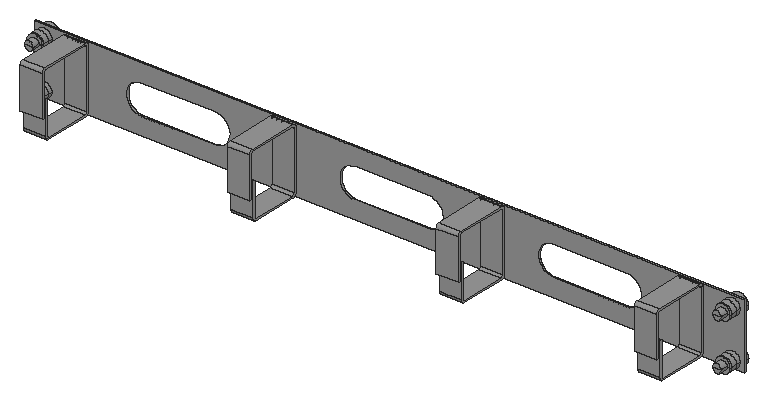
Revit family "ITK Кабельный органайзер 19 1U 4 кольца", category Обобщенные модели, Revit 2016
Family settings
  Тип детали = Нормальный
  Может служить основой для арматурных стержней = Нет
  Размер круглого соединителя = Использовать диаметр
  На основе рабочей плоскости = Нет
  Всегда вертикально = Да
  При загрузке вырезать с полостями = Нет
  Общий = Нет
  Точка расчета площади = Нет
Parameters (values of type "CO05-1M4RM")
  Ширина = 483 mm
  Высота = 44.5 mm
  Описание = "19-дюймовые кабельные организаторы ITK предназначены для горизонтальной организации кабеля и кабельных пучков в шкафах и стойках для укладки кабелей в пространствах между коммутационными панелями и установленным активным оборудованием, обеспечивают их поддержку в пределах монтажной высоты шкафа, гарантируют необходимый радиус изгиба коммутационных шнуров и кабеля при подведении их к оборудованию, позволяют избежать перекручивания и спутывания кабелей. При использовании кабельных организаторов существенно снижается вероятность появления сильных перегибов и изломов кабелей, повышается скорость и эффективность работы IT-специалистов и администраторов при обслуживании шкафов и стоек.\r\n\r\nКабельные органайзеры устанавливаются на 19-дюймовые монтажные профили, занимая при этом один или два юнита полезной высоты. Монтаж осуществляется с помощью крепежа винт-шайба-гайка.\r\n\r\nГоризонтальные кабельные организаторы представлены двумя основными видами: открытый органайзер с кольцами или закрытого типа с крышкой. Высота органайзеров: 1U или 2U. Материал: листовая сталь. В комплект поставки входит органайзер и комплект крепежа.\r\nСовместимы со всеми 19-дюймовыми шкафами и стойками ITK.\r\nОбладают современным привлекательным дизайном и продуманной конструкцией.\r\nУдобны в монтаже и эксплуатации.\r\nСоответствие международным стандартам ISO9001, IEC 297, ISO/IEC 11801. \r\nСертифицированы по ГОСТ Р.\r\nВсе аксессуары идут с крепежом.\r\nВозможно исполнение в двух цветах: серый (RAL7035) и черный (RAL9005).\r\nВсегда в наличии на складе.\r\nГарантия на все аксессуары до 2-х лет."  # constant formula
  Материал = Окраска - RAL 9005
  Type Comments = ""
  Изготовитель = "ITK"  # constant formula
  Глубина = 12 mm
  URL = "http://www.itk-group.ru/produktsiya/catalog/?page=section&id=564&pagen=1&pagec=100"
  ADSK_Примечание = ""
  ADSK_Позиция [instance] = ""
  ADSK_Наименование краткое = "CO05-1M4RM"
  ADSK_Наименование = "ITK Кабельный органайзер 19\" 1U 4 кольца, черный"
  ADSK_Масса = 0
  ADSK_Марка = "CO05-1M4RM"
  ADSK_Код изделия = ""
  ADSK_Завод-изготовитель = "IEK"
  ADSK_Единица измерения = "шт"
  ADSK_Группирование = "I. ЩИТЫ И ПУЛЬТЫ"
Types (2, lengths in mm): name | Материал | ADSK_Наименование краткое | ADSK_Наименование | ADSK_Марка
  CO05-1M4RM | Окраска - RAL 9005 | "CO05-1M4RM" | "ITK Кабельный органайзер 19\" 1U 4 кольца, черный" | "CO05-1M4RM"
  CO35-1M4RM | Окраска - RAL 7035 | "CO35-1M4RM" | "ITK Кабельный органайзер 19\" 1U 4 кольца, серый" | "CO35-1M4RM"
Reference planes
  plane 1 "По центру (Вперед/Назад)": y = 0
  plane 2: z = 0
  plane 3 "По центру (Влево/Вправо)": x = 0
  plane 4: x = -241.5
  plane 5: x = 241.5
  plane 6: y = -1
  plane 7: x = -223.188
  plane 8: x = 222.388
  plane 9: z = 44.5
  plane 10: y = 11
  plane 11: x = -173
  plane 12: x = -98
  plane 13: x = -83
  plane 14: x = -8
  plane 15: x = 7
  plane 16: x = 173
  plane 17: x = 98
  plane 18: x = 83
  plane 19: z = 5.937
  plane 20: z = 38.25
  plane 21: z = 22.25
Forms (mm)
  Extrusion 1, solid, material "Окраска - RAL 9005" <- "Материал", detail levels fine
    sketch origin (0, 0, 0) x (1, 0, 0) y (0, 1, 0)
      loop
        line (-241.5, 0) -> (-241.5, -1) -> (241.5, -1) -> (241.5, 0) -> (-241.5, 0)
    from 0 to 44.5
  Extrusion 2, void
    sketch origin (-2000, -1, 1200) x (-1, 0, 0) y (0, 0, -1)
      loop
        circle (-1765.975, 1161.75) r 2.967
      loop
        circle (-1765.975, 1194.062) r 2.967
      loop
        circle (-2234.025, 1161.75) r 2.967
      loop
        circle (-2234.025, 1194.062) r 2.967
    from -1 to 0
  Revolve 3, solid, material "Окраска - RAL 9005" <- "Материал", detail levels fine
    sketch origin (0, 29.553, 5.938) x (0, 1, 0) y (-1, 0, 0)
      loop
        line (-44.803, 236.911) -> (-44.803, 234.025) -> (-26.053, 234.025) -> (-26.053, 240.161) -> (-29.553, 240.161) -> (-29.553, 236.911) -> (-32.003, 236.911) -> (-32.003, 239.143)
        arc (-32.003, 239.143) -> (-33.603, 239.05) -> (-35.203, 239.122) r 15.465
        line (-35.203, 239.122) -> (-39.203, 239.122)
        arc (-39.203, 239.122) -> (-39.704, 239.122) -> (-40.203, 239.083) r 6.422
        line (-40.203, 239.083) -> (-40.203, 236.911) -> (-44.803, 236.911)
      axis (-26.053, 234.025) -> (-44.803, 234.025)
    angle from 0 to 360
  Revolve 4, solid, material "Окраска - RAL 9005" <- "Материал", detail levels fine
    sketch origin (0, 30.928, 38.25) x (0, 1, 0) y (-1, 0, 0)
      loop
        line (-46.178, 236.911) -> (-46.178, 234.025) -> (-27.428, 234.025) -> (-27.428, 240.161) -> (-30.928, 240.161) -> (-30.928, 236.911) -> (-33.378, 236.911) -> (-33.378, 239.143)
        arc (-33.378, 239.143) -> (-34.978, 239.05) -> (-36.578, 239.122) r 15.465
        line (-36.578, 239.122) -> (-40.578, 239.122)
        arc (-40.578, 239.122) -> (-41.079, 239.122) -> (-41.578, 239.083) r 6.422
        line (-41.578, 239.083) -> (-41.578, 236.911) -> (-46.178, 236.911)
      axis (-27.428, 234.025) -> (-46.178, 234.025)
    angle from 0 to 360
  Revolve 5, solid, material "Окраска - RAL 9005" <- "Материал", detail levels fine
    sketch origin (467.046, 30.928, 38.25) x (0, 1, 0) y (-1, 0, 0)
      loop
        line (-46.178, 235.911) -> (-46.178, 233.025) -> (-27.428, 233.025) -> (-27.428, 239.161) -> (-30.928, 239.161) -> (-30.928, 235.911) -> (-33.378, 235.911) -> (-33.378, 238.143)
        arc (-33.378, 238.143) -> (-34.978, 238.05) -> (-36.578, 238.122) r 15.465
        line (-36.578, 238.122) -> (-40.578, 238.122)
        arc (-40.578, 238.122) -> (-41.079, 238.122) -> (-41.578, 238.083) r 6.422
        line (-41.578, 238.083) -> (-41.578, 235.911) -> (-46.178, 235.911)
      axis (-27.428, 233.025) -> (-46.178, 233.025)
    angle from 0 to 360
  Revolve 6, solid, material "Окраска - RAL 9005" <- "Материал", detail levels fine
    sketch origin (0, 30.928, 5.938) x (0, 1, 0) y (-1, 0, 0)
      loop
        line (-46.178, -231.135) -> (-46.178, -234.021) -> (-27.428, -234.021) -> (-27.428, -227.885) -> (-30.928, -227.885) -> (-30.928, -231.135) -> (-33.378, -231.135) -> (-33.378, -228.903)
        arc (-33.378, -228.903) -> (-34.978, -228.997) -> (-36.578, -228.924) r 15.465
        line (-36.578, -228.924) -> (-40.578, -228.924)
        arc (-40.578, -228.924) -> (-41.079, -228.924) -> (-41.578, -228.963) r 6.422
        line (-41.578, -228.963) -> (-41.578, -231.135) -> (-46.178, -231.135)
      axis (-27.428, -234.021) -> (-46.178, -234.021)
    angle from 0 to 360
  Extrusion 7, void
    sketch origin (-2000, -1, 1200) x (1, 0, 0) y (0, 0, -1)
      loop
        line (1831.505, 1167.429) -> (1881.157, 1167.429)
        arc (1881.157, 1167.429) -> (1891.477, 1177.75) -> (1881.157, 1188.071) r 10.321
        line (1881.157, 1188.071) -> (1831.505, 1188.071)
        arc (1831.505, 1188.071) -> (1821.184, 1177.75) -> (1831.505, 1167.429) r 10.321
      loop
        line (1976.505, 1167.429) -> (2026.157, 1167.429)
        arc (2026.157, 1167.429) -> (2036.477, 1177.75) -> (2026.157, 1188.071) r 10.321
        line (2026.157, 1188.071) -> (1976.505, 1188.071)
        arc (1976.505, 1188.071) -> (1966.184, 1177.75) -> (1976.505, 1167.429) r 10.321
      loop
        line (2111.505, 1167.429) -> (2161.157, 1167.429)
        arc (2161.157, 1167.429) -> (2171.477, 1177.75) -> (2161.157, 1188.071) r 10.321
        line (2161.157, 1188.071) -> (2111.505, 1188.071)
        arc (2111.505, 1188.071) -> (2101.184, 1177.75) -> (2111.505, 1167.429) r 10.321
    from 0 to 1
  Sweep 8, solid, material "Окраска - RAL 9005" <- "Материал", detail levels fine
    path origin (-12.924, 0, 0) x (1, 0, 0) y (0, 1, 0)
      loop
        line (-207.278, -16) -> (-192.269, -16)
    profile origin (-212.698, -16, 0) x (0, 1, 0) y (0, 0, 1)
      loop
        line (13.966, 42.073) -> (13.966, 2.427)
        arc (13.966, 2.427) -> (13.548, 1.418) -> (12.539, 1) r 1.427
        line (12.539, 1) -> (-18.621, 1)
        arc (-18.621, 1) -> (-19.63, 1.418) -> (-20.048, 2.427) r 1.427
        line (-20.048, 2.427) -> (-20.048, 25.016) -> (-21.048, 25.016) -> (-21.048, 2.427)
        arc (-21.048, 2.427) -> (-20.337, 0.711) -> (-18.621, 0) r 2.427
        line (-18.621, 0) -> (12.573, 0)
        arc (12.573, 0) -> (14.289, 0.711) -> (15, 2.427) r 2.427
        line (15, 2.427) -> (15, 42.073)
        arc (15, 42.073) -> (14.289, 43.789) -> (12.573, 44.5) r 2.427
        line (12.573, 44.5) -> (-21.624, 44.5)
        arc (-21.624, 44.5) -> (-23.321, 43.797) -> (-24.024, 42.1) r 2.4
        line (-24.024, 42.1) -> (-24.024, 14.609) -> (-23.024, 14.609) -> (-23.024, 42.1)
        arc (-23.024, 42.1) -> (-22.614, 43.09) -> (-21.624, 43.5) r 1.4
        line (-21.624, 43.5) -> (12.539, 43.5)
        arc (12.539, 43.5) -> (13.548, 43.082) -> (13.966, 42.073) r 1.427
  Sweep 9, solid, material "Окраска - RAL 9005" <- "Материал", detail levels fine
    path origin (128.108, 0, 0) x (1, 0, 0) y (0, 1, 0)
      loop
        line (-207.278, -16) -> (-192.269, -16)
    profile origin (-71.665, -16, 0) x (0, 1, 0) y (0, 0, 1)
      loop
        line (13.966, 42.073) -> (13.966, 2.427)
        arc (13.966, 2.427) -> (13.548, 1.418) -> (12.539, 1) r 1.427
        line (12.539, 1) -> (-18.621, 1)
        arc (-18.621, 1) -> (-19.63, 1.418) -> (-20.048, 2.427) r 1.427
        line (-20.048, 2.427) -> (-20.048, 25.016) -> (-21.048, 25.016) -> (-21.048, 2.427)
        arc (-21.048, 2.427) -> (-20.337, 0.711) -> (-18.621, 0) r 2.427
        line (-18.621, 0) -> (12.573, 0)
        arc (12.573, 0) -> (14.289, 0.711) -> (15, 2.427) r 2.427
        line (15, 2.427) -> (15, 42.073)
        arc (15, 42.073) -> (14.289, 43.789) -> (12.573, 44.5) r 2.427
        line (12.573, 44.5) -> (-21.624, 44.5)
        arc (-21.624, 44.5) -> (-23.321, 43.797) -> (-24.024, 42.1) r 2.4
        line (-24.024, 42.1) -> (-24.024, 14.609) -> (-23.024, 14.609) -> (-23.024, 42.1)
        arc (-23.024, 42.1) -> (-22.614, 43.09) -> (-21.624, 43.5) r 1.4
        line (-21.624, 43.5) -> (12.539, 43.5)
        arc (12.539, 43.5) -> (13.548, 43.082) -> (13.966, 42.073) r 1.427
  Sweep 10, solid, material "Окраска - RAL 9005" <- "Материал", detail levels fine
    path origin (270, 0, 0) x (1, 0, 0) y (0, 1, 0)
      loop
        line (-207.278, -16) -> (-192.269, -16)
    profile origin (70.226, -16, 0) x (0, 1, 0) y (0, 0, 1)
      loop
        line (13.966, 42.073) -> (13.966, 2.427)
        arc (13.966, 2.427) -> (13.548, 1.418) -> (12.539, 1) r 1.427
        line (12.539, 1) -> (-18.621, 1)
        arc (-18.621, 1) -> (-19.63, 1.418) -> (-20.048, 2.427) r 1.427
        line (-20.048, 2.427) -> (-20.048, 25.016) -> (-21.048, 25.016) -> (-21.048, 2.427)
        arc (-21.048, 2.427) -> (-20.337, 0.711) -> (-18.621, 0) r 2.427
        line (-18.621, 0) -> (12.573, 0)
        arc (12.573, 0) -> (14.289, 0.711) -> (15, 2.427) r 2.427
        line (15, 2.427) -> (15, 42.073)
        arc (15, 42.073) -> (14.289, 43.789) -> (12.573, 44.5) r 2.427
        line (12.573, 44.5) -> (-21.624, 44.5)
        arc (-21.624, 44.5) -> (-23.321, 43.797) -> (-24.024, 42.1) r 2.4
        line (-24.024, 42.1) -> (-24.024, 14.609) -> (-23.024, 14.609) -> (-23.024, 42.1)
        arc (-23.024, 42.1) -> (-22.614, 43.09) -> (-21.624, 43.5) r 1.4
        line (-21.624, 43.5) -> (12.539, 43.5)
        arc (12.539, 43.5) -> (13.548, 43.082) -> (13.966, 42.073) r 1.427
  Sweep 11, solid, material "Окраска - RAL 9005" <- "Материал", detail levels fine
    path origin (405, 0, 0) x (1, 0, 0) y (0, 1, 0)
      loop
        line (-207.278, -16) -> (-192.269, -16)
    profile origin (205.226, -16, 0) x (0, 1, 0) y (0, 0, 1)
      loop
        line (13.966, 42.073) -> (13.966, 2.427)
        arc (13.966, 2.427) -> (13.548, 1.418) -> (12.539, 1) r 1.427
        line (12.539, 1) -> (-18.621, 1)
        arc (-18.621, 1) -> (-19.63, 1.418) -> (-20.048, 2.427) r 1.427
        line (-20.048, 2.427) -> (-20.048, 25.016) -> (-21.048, 25.016) -> (-21.048, 2.427)
        arc (-21.048, 2.427) -> (-20.337, 0.711) -> (-18.621, 0) r 2.427
        line (-18.621, 0) -> (12.573, 0)
        arc (12.573, 0) -> (14.289, 0.711) -> (15, 2.427) r 2.427
        line (15, 2.427) -> (15, 42.073)
        arc (15, 42.073) -> (14.289, 43.789) -> (12.573, 44.5) r 2.427
        line (12.573, 44.5) -> (-21.624, 44.5)
        arc (-21.624, 44.5) -> (-23.321, 43.797) -> (-24.024, 42.1) r 2.4
        line (-24.024, 42.1) -> (-24.024, 14.609) -> (-23.024, 14.609) -> (-23.024, 42.1)
        arc (-23.024, 42.1) -> (-22.614, 43.09) -> (-21.624, 43.5) r 1.4
        line (-21.624, 43.5) -> (12.539, 43.5)
        arc (12.539, 43.5) -> (13.548, 43.082) -> (13.966, 42.073) r 1.427
Cuts and joins
  Extrusion 2, Extrusion 7 cuts Extrusion 1
Dimensions and locks
  equal spacing: plane 4, plane 3 "По центру (Влево/Вправо)", plane 5
  "Ширина": plane 4 to plane 5
  plane 8 to plane 5 = 19.112 mm
  plane 4 to plane 7 = 18.312 mm
  "Высота": plane 9 to plane 2
  plane 6 to plane 1 "По центру (Вперед/Назад)" = 1 mm
  "Глубина": plane 6 to plane 10
  plane 19 to plane 2 = 5.937 mm
  plane 9 to plane 20 = 6.25 mm
  equal spacing: plane 9, plane 21, plane 2
  aligned and locked: level to plane 2
  aligned and locked: plane 1 "По центру (Вперед/Назад)" to Extrusion 1 sketch curve
  aligned and locked: plane 4 to Extrusion 1 sketch curve
  aligned and locked: Extrusion 1 sketch curve to plane 6
  aligned and locked: plane 5 to Extrusion 1 sketch curve
  aligned and locked: plane 9 to Extrusion 1
  aligned and locked: Extrusion 1 to plane 2
  aligned and locked: Extrusion 2 to plane 1 "По центру (Вперед/Назад)"
  aligned and locked: plane 6 to Extrusion 2
  aligned and locked: Revolve 3 sketch curve to Revolve 3 sketch curve
  aligned and locked: Revolve 4 sketch curve to Revolve 4 sketch curve
  aligned and locked: Revolve 5 sketch curve to Revolve 5 sketch curve
  aligned and locked: Revolve 6 sketch curve to Revolve 6 sketch curve
  aligned and locked: Sweep 8 sketch curve to plane 9
  aligned and locked: Sweep 9 sketch curve to plane 9
  aligned and locked: Sweep 10 sketch curve to plane 9
  aligned and locked: Sweep 11 sketch curve to plane 9
Automatic sketch dimensions
  Extrusion 2 sketch curve to plane 20 = 0 mm  (x2)
  Extrusion 2 sketch curve to plane 19 = 0 mm  (x2)
  Extrusion 2 sketch curve to plane 5 = 7.475 mm  (x2)
  Extrusion 2 sketch curve to plane 4 = 7.475 mm  (x2)
  plane 1 "По центру (Вперед/Назад)" to Revolve 3 sketch curve = 0 mm
  plane 6 to Revolve 3 sketch curve = 1.45 mm
  plane 6 to Revolve 3 sketch curve = 3.15 mm
  Revolve 3 sketch curve to Revolve 3 sketch curve = 3.2 mm
  Revolve 3 sketch curve to Revolve 3 sketch curve = 4 mm
  Revolve 3 sketch curve to Revolve 3 sketch curve = 0.25 mm
  Revolve 3 sketch curve to Revolve 3 sketch curve = 1 mm
  Revolve 3 sketch curve to Revolve 3 sketch curve = 4.6 mm
  Revolve 3 sketch curve to plane 1 "По центру (Вперед/Назад)" = 3.5 mm
  plane 4 to Revolve 3 sketch curve = 8.795 mm
  Revolve 3 sketch curve to Revolve 3 sketch curve = 1.32 mm
  Revolve 3 sketch curve to Revolve 3 sketch curve = 4.206 mm
  Revolve 3 sketch curve to Revolve 3 sketch curve = 2.886 mm
  Revolve 3 sketch curve to Revolve 3 sketch curve = 2.172 mm
  Revolve 3 sketch curve to Revolve 3 sketch curve = 2.232 mm
  plane 4 to Revolve 3 sketch curve = 1.339 mm
  Revolve 3 sketch curve to Revolve 3 sketch curve = 0 mm  (x2)
  plane 1 "По центру (Вперед/Назад)" to Revolve 4 sketch curve = 0 mm
  plane 6 to Revolve 4 sketch curve = 1.45 mm
  plane 6 to Revolve 4 sketch curve = 3.15 mm
  Revolve 4 sketch curve to Revolve 4 sketch curve = 3.2 mm
  Revolve 4 sketch curve to Revolve 4 sketch curve = 4 mm
  Revolve 4 sketch curve to Revolve 4 sketch curve = 0.25 mm
  Revolve 4 sketch curve to Revolve 4 sketch curve = 1 mm
  Revolve 4 sketch curve to Revolve 4 sketch curve = 4.6 mm
  Revolve 4 sketch curve to plane 1 "По центру (Вперед/Назад)" = 3.5 mm
  plane 4 to Revolve 4 sketch curve = 8.795 mm
  Revolve 4 sketch curve to Revolve 4 sketch curve = 1.32 mm
  Revolve 4 sketch curve to Revolve 4 sketch curve = 4.206 mm
  Revolve 4 sketch curve to Revolve 4 sketch curve = 2.886 mm
  Revolve 4 sketch curve to Revolve 4 sketch curve = 2.172 mm
  Revolve 4 sketch curve to Revolve 4 sketch curve = 2.232 mm
  plane 4 to Revolve 4 sketch curve = 1.339 mm
  Revolve 4 sketch curve to Revolve 4 sketch curve = 0 mm  (x2)
  plane 1 "По центру (Вперед/Назад)" to Revolve 5 sketch curve = 0 mm
  plane 6 to Revolve 5 sketch curve = 1.45 mm
  plane 6 to Revolve 5 sketch curve = 3.15 mm
  Revolve 5 sketch curve to Revolve 5 sketch curve = 3.2 mm
  Revolve 5 sketch curve to Revolve 5 sketch curve = 4 mm
  Revolve 5 sketch curve to Revolve 5 sketch curve = 0.25 mm
  Revolve 5 sketch curve to Revolve 5 sketch curve = 1 mm
  Revolve 5 sketch curve to Revolve 5 sketch curve = 4.6 mm
  Revolve 5 sketch curve to plane 1 "По центру (Вперед/Назад)" = 3.5 mm
  plane 5 to Revolve 5 sketch curve = 6.159 mm
  Revolve 5 sketch curve to Revolve 5 sketch curve = 1.32 mm
  Revolve 5 sketch curve to Revolve 5 sketch curve = 4.206 mm
  Revolve 5 sketch curve to Revolve 5 sketch curve = 2.886 mm
  Revolve 5 sketch curve to Revolve 5 sketch curve = 2.172 mm
  Revolve 5 sketch curve to Revolve 5 sketch curve = 2.232 mm
  Revolve 5 sketch curve to Revolve 5 sketch curve = 1.018 mm
  Revolve 5 sketch curve to Revolve 5 sketch curve = 0 mm  (x2)
  plane 1 "По центру (Вперед/Назад)" to Revolve 6 sketch curve = 0 mm
  plane 6 to Revolve 6 sketch curve = 1.45 mm
  plane 6 to Revolve 6 sketch curve = 3.15 mm
  Revolve 6 sketch curve to Revolve 6 sketch curve = 3.2 mm
  Revolve 6 sketch curve to Revolve 6 sketch curve = 4 mm
  Revolve 6 sketch curve to Revolve 6 sketch curve = 0.25 mm
  Revolve 6 sketch curve to Revolve 6 sketch curve = 1 mm
  Revolve 6 sketch curve to Revolve 6 sketch curve = 4.6 mm
  Revolve 6 sketch curve to plane 1 "По центру (Вперед/Назад)" = 3.5 mm
  plane 5 to Revolve 6 sketch curve = 6.159 mm
  Revolve 6 sketch curve to Revolve 6 sketch curve = 1.32 mm
  Revolve 6 sketch curve to Revolve 6 sketch curve = 4.206 mm
  Revolve 6 sketch curve to Revolve 6 sketch curve = 2.886 mm
  Revolve 6 sketch curve to Revolve 6 sketch curve = 2.172 mm
  Revolve 6 sketch curve to Revolve 6 sketch curve = 2.232 mm
  Revolve 6 sketch curve to Revolve 6 sketch curve = 1.018 mm
  Revolve 6 sketch curve to Revolve 6 sketch curve = 0 mm  (x2)
  plane 7 to Sweep 8 sketch curve = 2.986 mm
  plane 6 to Sweep 8 sketch curve = 15 mm
  Sweep 8 sketch curve to Sweep 8 sketch curve = 15.009 mm
  Sweep 8 sketch curve to Sweep 8 sketch curve = 0 mm  (x4)
  Sweep 8 sketch curve to level = 0 mm
  profile plane to Sweep 8 sketch curve = 24.024 mm
  Sweep 8 sketch curve to Sweep 8 sketch curve = 1 mm  (x2)
  Sweep 8 sketch curve to Sweep 8 sketch curve = 1.4 mm
  Sweep 8 sketch curve to Sweep 8 sketch curve = 1.976 mm
  Sweep 8 sketch curve to Sweep 8 sketch curve = 1.427 mm
  Sweep 8 sketch curve to profile plane = 12.539 mm  (x2)
  Sweep 8 sketch curve to Sweep 8 sketch curve = 0.034 mm  (x2)
  Sweep 8 sketch curve to Sweep 8 sketch curve = 1.393 mm
  Sweep 8 sketch curve to Sweep 8 sketch curve = 1.034 mm
  Sweep 8 sketch curve to Sweep 8 sketch curve = 12.182 mm
  Sweep 8 sketch curve to Sweep 8 sketch curve = 10.406 mm
  plane 13 to Sweep 9 sketch curve = 3.83 mm
  plane 6 to Sweep 9 sketch curve = 15 mm
  Sweep 9 sketch curve to Sweep 9 sketch curve = 15.009 mm
  plane 18 to Sweep 10 sketch curve = 20.278 mm
  plane 18 to Sweep 10 sketch curve = 5.269 mm
  plane 6 to Sweep 10 sketch curve = 15 mm
  Sweep 11 sketch curve to plane 16 = 24.722 mm
  plane 6 to Sweep 11 sketch curve = 15 mm
  plane 8 to Sweep 11 sketch curve = 9.657 mm
  Sweep 9 sketch curve to Sweep 9 sketch curve = 0 mm  (x4)
  Sweep 9 sketch curve to level = 0 mm
  profile plane to Sweep 9 sketch curve = 24.024 mm
  Sweep 9 sketch curve to Sweep 9 sketch curve = 1 mm  (x2)
  Sweep 9 sketch curve to Sweep 9 sketch curve = 1.4 mm
  Sweep 9 sketch curve to Sweep 9 sketch curve = 1.976 mm
  Sweep 9 sketch curve to Sweep 9 sketch curve = 1.427 mm  (x2)
  Sweep 9 sketch curve to profile plane = 12.539 mm  (x2)
  Sweep 9 sketch curve to Sweep 9 sketch curve = 0.034 mm  (x2)
  Sweep 9 sketch curve to Sweep 9 sketch curve = 1.034 mm
  Sweep 9 sketch curve to Sweep 9 sketch curve = 12.182 mm
  Sweep 9 sketch curve to Sweep 9 sketch curve = 10.406 mm
  Sweep 10 sketch curve to Sweep 10 sketch curve = 0 mm  (x4)
  Sweep 10 sketch curve to level = 0 mm
  profile plane to Sweep 10 sketch curve = 24.024 mm
  Sweep 10 sketch curve to Sweep 10 sketch curve = 1 mm  (x2)
  Sweep 10 sketch curve to Sweep 10 sketch curve = 1.4 mm
  Sweep 10 sketch curve to Sweep 10 sketch curve = 1.976 mm
  Sweep 10 sketch curve to Sweep 10 sketch curve = 1.427 mm  (x2)
  Sweep 10 sketch curve to profile plane = 12.539 mm  (x2)
  Sweep 10 sketch curve to Sweep 10 sketch curve = 0.034 mm  (x2)
  Sweep 10 sketch curve to Sweep 10 sketch curve = 1.034 mm
  Sweep 10 sketch curve to Sweep 10 sketch curve = 12.182 mm
  Sweep 10 sketch curve to Sweep 10 sketch curve = 10.406 mm
  Sweep 11 sketch curve to Sweep 11 sketch curve = 0 mm  (x4)
  Sweep 11 sketch curve to level = 0 mm
  profile plane to Sweep 11 sketch curve = 24.024 mm
  Sweep 11 sketch curve to Sweep 11 sketch curve = 1 mm  (x2)
  Sweep 11 sketch curve to Sweep 11 sketch curve = 1.4 mm
  Sweep 11 sketch curve to Sweep 11 sketch curve = 1.976 mm
  Sweep 11 sketch curve to Sweep 11 sketch curve = 1.427 mm  (x2)
  Sweep 11 sketch curve to profile plane = 12.539 mm  (x2)
  Sweep 11 sketch curve to Sweep 11 sketch curve = 0.034 mm  (x2)
  Sweep 11 sketch curve to Sweep 11 sketch curve = 1.034 mm
  Sweep 11 sketch curve to Sweep 11 sketch curve = 12.182 mm
  Sweep 11 sketch curve to Sweep 11 sketch curve = 10.406 mm
  Extrusion 7 sketch curve to plane 21 = 0 mm  (x3)
  Extrusion 7 sketch curve to plane 11 = 4.505 mm
  plane 12 to Extrusion 7 sketch curve = 20.843 mm
  plane 20 to Extrusion 7 sketch curve = 5.679 mm  (x2)
  plane 14 to Extrusion 7 sketch curve = 15.495 mm
  Extrusion 7 sketch curve to plane 15 = 19.157 mm
  plane 17 to Extrusion 7 sketch curve = 13.505 mm
  Extrusion 7 sketch curve to plane 16 = 11.843 mm
  Extrusion 7 sketch curve to plane 19 = 5.992 mm
  radius of Extrusion 2 sketch curve = 2.967 mm  (x4)
